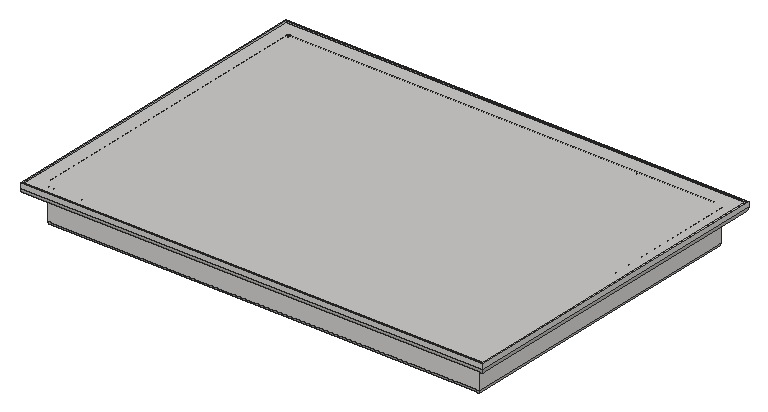
Revit family "Gorter RV 600x400mm", category Generic Models, host Face, Revit 2019
Family settings
  Host = Face
  Can host rebar = No
  Round Connector Dimension = Use Diameter
  Part Type = Normal
  Cut with Voids When Loaded = Yes
  Shared = Yes
  Room Calculation Point = No
Parameters (values of type "RV 600x400mm")
  vullen_met_beton = "ja"  # constant formula
  vergrendeling = "nee"  # constant formula
  uitwendige_lengte = 505 mm
  uitwendige_breedte = 705 mm
  sluiting = "4"  # constant formula
  scharnierend = "nee"  # constant formula
  rubberen_afdichting = "enkel"  # constant formula
  productgroep = ""
  materiaal = bcb_staal
  inbouwhoogte [instance] = 75 mm
  geïsoleerd = "nee"  # constant formula
  gewicht = "22"
  gasdrukveer = "nee"  # constant formula
  brandwerend 90 min = "nee"  # constant formula
  binnenmaat_lengte = uitwendige_lengte - 105 mm  # 400 mm
  binnenmaat_breedte = uitwendige_breedte - 105 mm  # 600 mm
  binnenluik = "tbv betonvulling"  # constant formula
  belasting = "15 kN"  # constant formula
  URL = ""
  Model = "RV"  # constant formula
  Manufacturer = "Gorter"  # constant formula
  Description = "RV 64"
  Default Elevation = 0 mm
Types (6, lengths in mm): name | uitwendige_lengte | uitwendige_breedte | gewicht | binnenmaat_lengte | binnenmaat_breedte | Description
  (no name) | 505 | 705 | "22" | 400 | 600 | "RV 64"
  RV 600x400mm | 505 | 705 | "22" | 400 | 600 | "RV 64"
  RV 600x600mm | 705 | 705 | "29" | 600 | 600 | "RV 66"
  RV 800x600mm | 705 | 905 | "37" | 600 | 800 | "RV 86"
  RV 800x800mm | 905 | 905 | "45" | 800 | 800 | "RV 88"
  RV 1000x1000mm | 1105 | 1105 | "45" | 1000 | 1000 | "RV 110"
Reference planes
  plane 1 "Center (Front/Back)": y = 0
  plane 2: z = 0
  plane 3 "Center (Left/Right)": x = 0
  plane 4: y = 252.5
  plane 5: y = -252.5
  plane 6: x = 352.5
  plane 7: x = -352.5
  plane 8: z = -75
  plane 9: x = -300
  plane 10: y = 200
  plane 11: y = -200
  plane 12: x = 300
  plane 13: x = -190.5
  plane 14: x = 190.5
  plane 15: y = -90.5
  plane 16: y = 90.5
  plane 17: x = -350.5
  plane 18: x = 350.5
  plane 19: y = 250.5
  plane 20: y = -250.5
Forms (mm)
  Sweep 1, solid, material "bcb_staal" <- "materiaal", detail levels medium+fine
    path origin (0, 0, 0) x (1, 0, 0) y (0, 1, 0)
      loop
        line (-352.5, 252.5) -> (-352.5, -252.5) -> (352.5, -252.5) -> (352.5, 252.5) -> (-352.5, 252.5)
    profile origin (-352.5, 0, 0) x (-1, 0, 0) y (0, 0, 1)
      loop
        line (-2.047, 0) -> (-2.047, -8.5)
        arc (-2.047, -8.5) -> (-5.504, -13.256) -> (-11.095, -11.435) r 5
        line (-11.095, -11.435) -> (-14.687, -6.482)
        arc (-14.687, -6.482) -> (-21.396, -4.292) -> (-25.547, -10) r 6
        line (-25.547, -10) -> (-25.547, -55.5)
        arc (-25.547, -55.5) -> (-26.28, -57.268) -> (-28.047, -58) r 2.5
        line (-28.047, -58) -> (-52.5, -58) -> (-52.5, -60) -> (-28.547, -60)
        arc (-28.547, -60) -> (-25.012, -58.536) -> (-23.547, -55) r 5
        line (-23.547, -55) -> (-23.547, -10)
        arc (-23.547, -10) -> (-20.781, -6.195) -> (-16.308, -7.654) r 4
        line (-16.308, -7.654) -> (-12.714, -12.609)
        arc (-12.714, -12.609) -> (-4.887, -15.158) -> (-0.047, -8.5) r 7
        line (-0.047, -8.5) -> (-0.047, 0) -> (-2.047, 0)
  Sweep 2, solid, material "bcb_staal" <- "materiaal", detail levels coarse
    path origin (0, 0, 0) x (1, 0, 0) y (0, 1, 0)
      loop
        line (-352.5, 252.5) -> (-352.5, -252.5) -> (352.5, -252.5) -> (352.5, 252.5) -> (-352.5, 252.5)
    profile origin (-352.5, 0, 0) x (-1, 0, 0) y (0, 0, 1)
      loop
        line (-0.047, 0) -> (-25.547, 0) -> (-25.547, -56) -> (-52.5, -56) -> (-52.5, -60) -> (-23.547, -60) -> (-23.547, -15.5) -> (-0.047, -15.5) -> (-0.047, 0)
  Extrusion 3, void
    sketch origin (0, 0, 0) x (1, 0, 0) y (0, 1, 0)
      loop
        line (-190.5, -90.5) -> (190.5, -90.5) -> (190.5, 90.5) -> (-190.5, 90.5) -> (-190.5, -90.5)
    from -500 to 10
  Sweep 4, void
    path origin (0, 0, 0) x (1, 0, 0) y (0, 1, 0)
      loop
        line (-352.5, 252.5) -> (-352.5, -252.5) -> (352.5, -252.5) -> (352.5, 252.5) -> (-352.5, 252.5)
    profile origin (-352.5, 0, 0) x (-1, 0, 0) y (0, 0, 1)
      loop
        line (-23.547, -60) -> (-23.547, -15.5) -> (0, -15.5) -> (0, 5) -> (-162, 5) -> (-162, -365) -> (-52.5, -365) -> (-52.5, -60) -> (-23.547, -60)
  Extrusion 5, solid, material "bcb_staal"
    sketch origin (0, 0, 0) x (1, 0, 0) y (0, 1, 0)
      loop
        line (-350.5, 250.5) -> (-350.5, -250.5) -> (350.5, -250.5) -> (350.5, 250.5) -> (-350.5, 250.5)
    from -4 to -1
Dimensions and locks
  equal spacing: plane 7, plane 3 "Center (Left/Right)", plane 6
  "uitwendige_breedte": plane 7 to plane 6
  equal spacing: plane 4, plane 1 "Center (Front/Back)", plane 5
  "uitwendige_lengte": plane 4 to plane 5
  locked: plane 4 to plane 10 at 52.5
  locked: plane 7 to plane 9 at 52.5
  locked: plane 12 to plane 6 at 52.5
  locked: plane 5 to plane 11 at 52.5
  locked: plane 9 to plane 13 at 109.5
  locked: plane 14 to plane 12 at 109.5
  locked: plane 15 to plane 11 at 109.5
  locked: plane 10 to plane 16 at 109.5
  locked: plane 18 to plane 6 at 2
  locked: plane 7 to plane 17 at 2
  locked: plane 4 to plane 19 at 2
  locked: plane 20 to plane 5 at 2
  aligned and locked: plane 2 to host face
  aligned and locked: level to host face
  aligned and locked: Sweep 1 sketch curve to plane 4
  aligned and locked: plane 7 to Sweep 1 sketch curve
  aligned and locked: plane 5 to Sweep 1 sketch curve
  aligned and locked: Sweep 1 sketch curve to plane 6
  aligned and locked: Extrusion 3 to plane 16
  aligned and locked: Extrusion 3 to plane 14
  aligned and locked: Extrusion 3 to plane 15
  aligned and locked: Extrusion 3 to plane 13
  aligned and locked: Sweep 4 sketch curve to plane 4
  aligned and locked: Sweep 4 sketch curve to plane 6
  aligned and locked: plane 5 to Sweep 4 sketch curve
  aligned and locked: plane 7 to Sweep 4 sketch curve
  aligned and locked: Extrusion 5 sketch curve to plane 19
  aligned and locked: plane 17 to Extrusion 5 sketch curve
  aligned and locked: plane 20 to Extrusion 5 sketch curve
  aligned and locked: Extrusion 5 sketch curve to plane 18
Automatic sketch dimensions
  host sketch curve to host sketch curve = 2000 mm  (x2)
  Extrusion 3 sketch curve to plane 11 = 109.5 mm
  Extrusion 3 sketch curve to plane 1 "Center (Front/Back)" = 90.5 mm
  Extrusion 3 sketch curve to plane 13 = 0 mm
  Extrusion 3 sketch curve to plane 14 = 0 mm
  Sweep 2 sketch curve to plane 5 = 0 mm
  Sweep 2 sketch curve to plane 7 = 0 mm
  Sweep 2 sketch curve to plane 6 = 0 mm
  Sweep 2 sketch curve to plane 4 = 0 mm
  Sweep 4 sketch curve to profile plane = 0 mm
  level to Sweep 4 sketch curve = 5 mm
  profile plane to Sweep 4 sketch curve = 23.547 mm
  Sweep 4 sketch curve to level = 15.5 mm
  Sweep 4 sketch curve to Sweep 4 sketch curve = 44.5 mm
  Sweep 4 sketch curve to Sweep 4 sketch curve = 305 mm
  Sweep 4 sketch curve to Sweep 4 sketch curve = 28.953 mm
  Sweep 4 sketch curve to Sweep 4 sketch curve = 109.5 mm
  Sweep 2 sketch curve to level = 0 mm
  profile plane to Sweep 2 sketch curve = 52.5 mm
  profile plane to Sweep 2 sketch curve = 25.547 mm
  Sweep 2 sketch curve to Sweep 2 sketch curve = 2 mm
  profile plane to Sweep 2 sketch curve = 0.047 mm
  Sweep 2 sketch curve to level = 15.5 mm
  Sweep 2 sketch curve to Sweep 2 sketch curve = 40.5 mm
  Sweep 2 sketch curve to Sweep 2 sketch curve = 4 mm
  Sweep 1 sketch curve to Sweep 1 sketch curve = 0 mm  (x4)
  Sweep 1 sketch curve to level = 0 mm
  profile plane to Sweep 1 sketch curve = 52.5 mm
  Sweep 1 sketch curve to Sweep 1 sketch curve = 23.953 mm
  Sweep 1 sketch curve to Sweep 1 sketch curve = 0.5 mm  (x2)
  Sweep 1 sketch curve to Sweep 1 sketch curve = 2.5 mm
  Sweep 1 sketch curve to Sweep 1 sketch curve = 2 mm
  Sweep 1 sketch curve to Sweep 1 sketch curve = 4 mm
  Sweep 1 sketch curve to level = 7.654 mm
  Sweep 1 sketch curve to Sweep 1 sketch curve = 3.24 mm
  Sweep 1 sketch curve to level = 6.482 mm
  Sweep 1 sketch curve to Sweep 1 sketch curve = 3.593 mm
  Sweep 1 sketch curve to Sweep 1 sketch curve = 1.619 mm
  Sweep 1 sketch curve to Sweep 1 sketch curve = 4.048 mm
  profile plane to Sweep 1 sketch curve = 2.047 mm
  profile plane to Sweep 1 sketch curve = 0.047 mm
  Sweep 1 sketch curve to Sweep 1 sketch curve = 4.953 mm
  Sweep 1 sketch curve to Sweep 1 sketch curve = 42.391 mm
